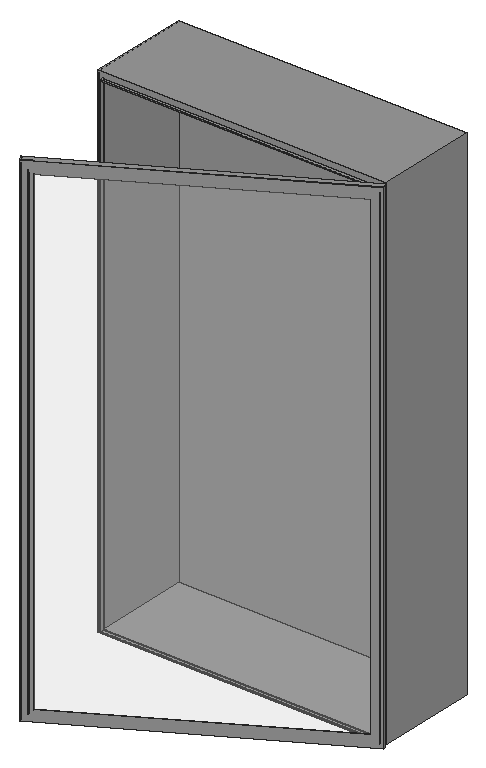
Revit family "Hager-Orion_Inox-IP66-D300-Cl.I-Inox_encl-630A-1400mm-NoHosted-CH-de", category Electrical Equipment, Revit 2020
Family settings
  Panel Configuration = Two Columns, Circuits Across
  Round Connector Dimension = Use Diameter
  Part Type = Panelboard
  Work Plane-Based = Yes
  Always vertical = Yes
  Cut with Voids When Loaded = No
  Shared = No
  Room Calculation Point = No
Parameters (values of type "Aufputz IP66 B800 H1400 T300  - FL049TWL")
  Width Control [instance] = if([EF000008 - Breite] > Min Width, [EF000008 - Breite], Min Width)  # 800 mm
  Type Comments = [HG000003 - Bereich]  # "Orion Inox"
  Thickness Door [instance] = if([EF009171 - Materialstärke Tür/Deckel] > 3 mm, 3 mm, [EF009171 - Materialstärke Tür/Deckel])  # 1.5 mm
  Seal Frame Offset [instance] = 17 mm  # constant formula
  Min Width [instance] = 100 mm  # constant formula
  Min Depth [instance] = (2 * [EF009170 - Materialstärke Gehäuse]) + 1 mm  # 4 mm
  Min Height [instance] = 100 mm  # constant formula
  Internal Frame Depth [instance] = -(Door System Depth * 0.5)  # -9 mm
  Panel Name [instance] = ""  # (empty or 0)
  Model = ""
  HG000027 - Sockelhöhe = 0 mm
  HG000026 - Stehend auf dem Boden = no
  HG000024 - Höhe des unteren Teils = 600 mm
  HG000023 - Gehäuse mit doppeltem Querschnitt = no
  HG000016 - 3D-Türsichtbarkeit [instance] = yes
  HG000015 - Sichtbarkeit der Türöffnung [instance] = no
  HG000014 - Tür rechts [instance] = yes
  HG000013 - Tür links [instance] = not([HG000014 - Tür rechts])  # no
  HG000012 - Türschwenkwinkel [instance] = 30.00°
  HG000010 - Asymmetrische Türen = no
  HG000009 - Doppelflügeligen Tür = no
  HG000006 - Unterputz = no
  HG000004 - Herstellerreferenz = "FL049TWL"
  HG000003 - Bereich = "Orion Inox"
  HG000002 - Mit tür = yes
  Frame Offset Bottom [instance] = 10 mm  # constant formula
  Frame Offset [instance] = 15 mm  # constant formula
  EF015940 - Deckel mit Überdruckentlastung = no
  EF011959 - Schutzart (NEMA) = ""
  EF009554 - Anzahl der Öffnungen für Flanschplatten = 0
  EF009212 - Ausführung Deckel = "EV000116 - geschlossen"
  EF009171 - Materialstärke Tür/Deckel = 1.5 mm
  EF009170 - Materialstärke Gehäuse = 1.5 mm
  EF008873 - Nennstrom (In) = 630 A
  EF007800 - Geeignet für Blitzschutz = no
  EF006306 - Mit Schloss = yes
  EF006244 - Transparenter Deckel/Tür = yes
  EF005474 - Schutzart (IP) = "EV006422 - IP66"
  EF004464 - Art der Tür = "EV002646 - Einzel"
  EF004427 - Anzahl der Module = 0
  EF004293 - Schlagfestigkeit = "EV006814 - IK08"
  EF003532 - Geeignet für Außengebrauch = yes
  EF002950 - Breite in Teilungseinheiten = 0
  EF001613 - Funktionserhalt = "EV000494 - ohne"
  EF001596 - Werkstoff des Gehäuses = "EV000166 - rostfreier Stahl"
  EF001131 - Innentiefe = 266 mm
  EF001088 - Anbaumöglichkeit = yes
  EF000437 - Anzahl der Leitungseinführungen = 0
  EF000339 - Art der Abdeckung = "EV004216 - Tür"
  EF000266 - Anzahl der Reihen = 0
  EF000218 - Einbautiefe = 0 mm
  EF000118 - Mit Montageplatte = no
  EF000116 - RAL-Nummer = ""
  EF000049 - Tiefe = 300 mm
  EF000040 - Höhe = 1400 mm
  EF000008 - Breite = 800 mm
  EF000007 - Farbe = "EV000154 - sonstige"
  EF000003 - Montageart = "EV000384 - Aufputz"
  Door System Leaf Tolerance [instance] = 1.5 mm  # constant formula
  Door System Depth [instance] = 18 mm  # constant formula
  Description = ""
  Default Elevation = 1219.2 mm
  Connector Offset [instance] = Height Control / 2  # 700 mm
  Manufacturer = "Hager"  # constant formula
  Height Control [instance] = if([EF000040 - Höhe] > Min Height, [EF000040 - Höhe], Min Height)  # 1400 mm
  Depth Control [instance] = if([EF000049 - Tiefe] > Min Depth, [EF000049 - Tiefe], Min Depth)  # 300 mm
Types (4, lengths in mm): name | HG000004 - Herstellerreferenz | EF006244 - Transparenter Deckel/Tür | EF004293 - Schlagfestigkeit
  Aufputz IP66 B800 H1400 T300  - FL049BW | "FL049BW" | no | "EV008784 - IK10"
  Aufputz IP66 B800 H1400 T300  - FL049BWL | "FL049BWL" | no | "EV008784 - IK10"
  Aufputz IP66 B800 H1400 T300  - FL049TW | "FL049TW" | yes | "EV006814 - IK08"
  Aufputz IP66 B800 H1400 T300  - FL049TWL | "FL049TWL" | yes | "EV006814 - IK08"
Reference planes
  plane 1 "Center (Front/Back)": y = 0
  plane 2: z = 0
  plane 3 "Center (Left/Right)": x = 0
  plane 4: y = 0
  plane 5: y = 0
  plane 6: z = 0
  plane 7: x = -400
  plane 8: x = 400
  plane 9: x = 398.5
  plane 10: x = -398.5
  plane 11: z = 0
  plane 12: z = 1.5
  plane 13: y = -300
  plane 14: y = -1.5
  plane 15: x = 0
  plane 16: y = -282
  plane 17: y = -298.5
  plane 18: y = -280.5
  plane 19: x = -383.5
  plane 20: x = 383.5
  plane 21: z = 11.5
  plane 22: x = -383
  plane 23: x = 383
  plane 24: z = 0
  plane 25: z = 1400
  plane 26: z = 1400
  plane 27: z = 1383.5
  plane 28: z = 1398.5
Forms (mm)
  Extrusion 1, solid, material "Hager_Stainless_Steel", detail levels medium+fine
    sketch origin (-208.679, -4572, 0) x (-1, 0, 0) y (0, -1, 0)
      loop
        line (191.321, -4290) -> (-608.679, -4290) -> (-608.679, -4572) -> (191.321, -4572) -> (191.321, -4290)
    from 0 to 1400
  Extrusion 2, void
    sketch origin (-350.771, -300, 1219.2) x (1, 0, 0) y (0, 0, 1)
      loop
        line (-47.729, 179.3) -> (-47.729, -1217.7) -> (749.271, -1217.7) -> (749.271, 179.3) -> (-47.729, 179.3)
    from -19.5 to -298.5
  Extrusion 3, void
    sketch origin (-290.084, -282, 1219.2) x (1, 0, 0) y (0, 0, 1)
      loop
        line (-93.416, -1207.7) -> (673.584, -1207.7) -> (673.584, 164.3) -> (-93.416, 164.3) -> (-93.416, -1207.7)
    from 0 to -1.5
  Extrusion 4, solid, material "Hager_Stainless_Steel", detail levels fine
    sketch origin (-290.084, -282, 1219.2) x (-1, 0, 0) y (0, 0, 1)
      loop
        line (-673.584, -1207.7) -> (93.416, -1207.7) -> (93.416, 164.3) -> (-673.584, 164.3) -> (-673.584, -1207.7)
      loop
        line (-675.084, -1209.2) -> (94.916, -1209.2) -> (94.916, 165.8) -> (-675.084, 165.8) -> (-675.084, -1209.2)
    from 0 to -9 <- "Internal Frame Depth"
  Extrusion 5, solid, material "Hager_Stainless_Steel", detail levels coarse
    sketch origin (0, 0, 0) x (1, 0, 0) y (0, 1, 0)
      loop
        line (-400, 0) -> (-400, -300) -> (400, -300) -> (400, 0) -> (-400, 0)
    from 0 to 1400 <- "Height Control"
Cuts and joins
  Extrusion 2, Extrusion 3 cuts Extrusion 1
Lines and regions (mm)
  Masking region 1
    outline origin (0, 0, 0) x (1, 0, 0) y (0, 1, 0)
      loop
        line (-400, 0) -> (-400, -300) -> (400, -300) -> (400, 0) -> (-400, 0)
  Masking region 2
    outline origin (-290.084, -282, 1219.2) x (-1, 0, 0) y (0, 0, 1)
      loop
        line (-690.084, -1219.2) -> (109.916, -1219.2) -> (109.916, 180.8) -> (-690.084, 180.8) -> (-690.084, -1219.2)
  Masking region 3, detail levels coarse
    outline origin (0, 0, 0) x (0, 1, 0) y (0, 0, 1)
      loop
        line (0, 0) -> (0, 1400) -> (-300, 1400) -> (-300, 0) -> (0, 0)
  Masking region 4, detail levels medium+fine
    outline origin (0, 0, 594.038) x (0, 1, 0) y (0, 0, 1)
      loop
        line (0, -594.038) -> (0, 805.962) -> (-282, 805.962) -> (-282, -594.038) -> (0, -594.038)
Dimensions and locks
  locked: plane 1 "Center (Front/Back)" to plane 5
  "EF009170 - Materialstärke Gehäuse": plane 7 to plane 10
  "EF009170 - Materialstärke Gehäuse": plane 8 to plane 9
  equal spacing: plane 7, plane 3 "Center (Left/Right)", plane 8
  "Width Control": plane 7 to plane 8
  "Depth Control": plane 4 to plane 13
  "EF009170 - Materialstärke Gehäuse": plane 4 to plane 14
  "Height Control": plane 25 to level
  "EF009170 - Materialstärke Gehäuse": plane 12 to plane 11
  "EF009170 - Materialstärke Gehäuse": plane 17 to plane 13
  "EF009170 - Materialstärke Gehäuse": plane 18 to plane 16
  "Frame Offset Bottom": plane 21 to plane 12
  "Frame Offset": plane 10 to plane 19
  "Frame Offset": plane 9 to plane 20
  "Door System Depth": plane 16 to plane 13
  "Seal Frame Offset": plane 7 to plane 22
  "Seal Frame Offset": plane 8 to plane 23
  "EF009170 - Materialstärke Gehäuse": plane 26 to plane 28
  "Frame Offset": plane 28 to plane 27
  "Connector Offset": plane 2 to connector elem
  "Thickness Door": cut or joined group of Extrusion 1, Extrusion 2, Extrusion 3 to Extrusion 4 sketch curve
  "Thickness Door": Extrusion 4 sketch curve to plane 19
  "Thickness Door": Extrusion 4 sketch curve to plane 20
  "Thickness Door": Extrusion 4 sketch curve to plane 27
  aligned and locked: Extrusion 2 sketch curve to plane 12
  aligned and locked: Extrusion 2 sketch curve to plane 9
  aligned and locked: Extrusion 2 sketch curve to plane 10
  aligned and locked: Extrusion 2 to plane 14
  aligned and locked: Extrusion 1 sketch curve to plane 4
  aligned and locked: plane 8 to Extrusion 1 sketch curve
  aligned and locked: plane 7 to Extrusion 1 sketch curve
  aligned and locked: Extrusion 2 to plane 18
  aligned and locked: Extrusion 3 sketch curve to plane 19
  aligned and locked: plane 20 to Extrusion 3 sketch curve
  aligned and locked: Extrusion 3 to Extrusion 2
  aligned and locked: Extrusion 3 sketch curve to plane 21
  aligned and locked: plane 3 "Center (Left/Right)" to nested 1
  aligned and locked: Extrusion 1 sketch curve to plane 16
  aligned and locked: Masking region 1 sketch curve to plane 7
  aligned and locked: Masking region 1 sketch curve to plane 5
  aligned and locked: Masking region 1 sketch curve to plane 8
  aligned and locked: Masking region 2 sketch curve to level
  aligned and locked: level to Masking region 3 sketch curve
  aligned and locked: plane 1 "Center (Front/Back)" to Masking region 3 sketch curve
  aligned and locked: plane 13 to Masking region 3 sketch curve
  aligned and locked: Masking region 2 sketch curve to plane 8
  aligned and locked: Masking region 2 sketch curve to plane 7
  aligned and locked: plane 7 to nested 2
  aligned and locked: nested 2 to plane 5
  aligned and locked: plane 5 to Masking region 4 sketch curve
  aligned and locked: plane 26 to Masking region 4 sketch curve
  aligned and locked: Extrusion 5 sketch curve to plane 8
  aligned and locked: Extrusion 5 sketch curve to plane 7
  aligned and locked: Extrusion 5 sketch curve to plane 5
  aligned and locked: Extrusion 3 sketch curve to plane 27
  aligned and locked: Extrusion 2 sketch curve to plane 28
  aligned and locked: Extrusion 4 sketch curve to plane 27
  aligned and locked: Extrusion 4 sketch curve to plane 20
  aligned and locked: Extrusion 4 sketch curve to plane 21
  aligned and locked: Extrusion 4 sketch curve to plane 19
  aligned and locked: Masking region 2 to plane 25
  aligned and locked: Masking region 4 sketch curve to plane 24
  aligned and locked: Masking region 1 to plane 13
  aligned and locked: nested 1 to plane 16
  aligned and locked: Masking region 3 to plane 25
  aligned and locked: Masking region 4 sketch curve to plane 16
  aligned and locked: plane 24 to plane 11
  aligned and locked: plane 26 to plane 25
  aligned and locked: level to plane 24
  aligned and locked: Extrusion 1 to Masking region 3
  aligned and locked: level to nested 1
Automatic sketch dimensions
  Extrusion 5 sketch curve to plane 13 = 0 mm
  plane 27 to Masking region 2 sketch curve = 16.5 mm
  plane 27 to Masking region 3 sketch curve = 16.5 mm
  Masking region 1 sketch curve to plane 13 = 0 mm
  Extrusion 3 sketch curve to plane 21 = 0 mm
  plane 19 to Extrusion 3 sketch curve = 0 mm
  Extrusion 3 sketch curve to plane 20 = 0 mm
Nested families
  nested 1: "EC000058_OrionInox_Door" at (0, -282, 0), Double <- "HG000009 - Doppelflügeligen Tür", Transparent <- "EF006244 - Transparenter Deckel/Tür", Angle <- "HG000012 - Türschwenkwinkel", Door_Right <- "HG000014 - Tür rechts", Assymetrical <- "HG000010 - Asymmetrische Türen", Door <- "HG000002 - Mit tür", Width_Ctrl <- "Width Control", 3d_Door <- "HG000016 - 3D-Türsichtbarkeit", Clearance <- "HG000015 - Sichtbarkeit der Türöffnung", Door_Left <- "HG000013 - Tür links", Width <- "Width Control", Door_Depth <- "Door System Depth", Leaf_Tolerance <- "Door System Leaf Tolerance", Height <- "Height Control", Thickness <- "Thickness Door", type "EC000058_OrionInox_Door", detail levels medium+fine
    with min_wh 4 mm, Width_Ctrl 800 mm, Width 800 mm, Transparent yes, Thickness 1.5 mm, Seal_Material Hager_Rubber, Leaf_Width 800 mm, Leaf_Tolerance_External_Sides 0 mm, Leaf_Tolerance 1.5 mm, Leaf_Offset 0 mm, Leaf_Height 1397 mm, Leaf_2_Width 800 mm, Leaf_2_Offset 400 mm, Leaf_1_Width 800 mm, Leaf_1_Offset 400 mm, Height_Ctrl 1400 mm, Height 1400 mm, Glass_Material Hager_Glass, Double_Clearance_Ctrl no, Double no, Door_Right_Ctrl yes, Door_Right yes, Door_Material Hager_Stainless_Steel, Door_Left_Ctrl no, Door_Left no, Door_Depth 18 mm, Door yes, Clearance_Material Hager_Clearance, Clearance_Depth 800 mm, Clearance_Ctrl no, Clearance no, Assymetrical no, Angle 30.00°, 3d_Door yes
  nested 2: "Hager_Enclosure_Symbol" at (-400, 0, 0), Height <- "Depth Control", Width <- "Width Control", type "Hager_Enclosure_Symbol"
    with Width_Ctrl 800 mm, Width 800 mm, Height_Ctrl 300 mm, Height 300 mm, A_Width_Int 19.688 mm, A_Width 236.25 mm, A_Height_Ctrl 262.5 mm, A_Height 262.5 mm
Connectors
  electrical at (0, 0, 700)
    settings: on plane 1 "Center (Front/Back)", index 1, voltage 0 V, apparent load 0 VA, apparent load phase1 0 VA, apparent load phase2 0 VA, apparent load phase3 0 VA, power factor 1, load classification "Other", number of poles 1, system type 30, power factor state 1, is connector primary yes, connector utility no, sub classification motor no, connector description ""
Definition of nested family "EC000058_OrionInox_Door"
  Parameters (values of type "EC000058_OrionInox_Door")
    min_wh [instance] = (2 * Thickness) + 1 mm  # 11 mm
    Width_Ctrl [instance] = 400 mm
    Width [instance] = 500 mm
    Transparent [instance] = yes
    Thickness [instance] = 5 mm
    Seal_Material [instance] = none
    Leaf_Width [instance] = if((Width_Ctrl - 2 * Leaf_Tolerance_External_Sides) > 0 mm, (Width_Ctrl - 2 * Leaf_Tolerance_External_Sides), min_wh)  # 400 mm
    Leaf_Tolerance_External_Sides [instance] = 0 mm  # constant formula
    Leaf_Tolerance [instance] = 1.5 mm
    Leaf_Offset [instance] = 0 mm  # constant formula
    Leaf_Height [instance] = if((Height_Ctrl - 2 * Leaf_Tolerance) > 0 mm, (Height_Ctrl - 2 * Leaf_Tolerance), min_wh)  # 497 mm
    Leaf_2_Width [instance] = if(and(and(Double, Assymetrical), Door_Left), (Leaf_Width / 3) - (Leaf_Tolerance / 2), if(and(and(Double, Assymetrical), Door_Right), (Leaf_Width / 3) * 2 - (Leaf_Tolerance / 2), if(and(Double, not(Assymetrical)), (Leaf_Width / 2) - Leaf_Tolerance, Leaf_Width)))  # 400 mm
    Leaf_2_Offset [instance] = if(and(Double, Assymetrical), Leaf_2_Width / 2, if(and(Double, not(Assymetrical)), Leaf_Width / 4, Leaf_Width / 2))  # 200 mm
    Leaf_1_Width [instance] = if(and(and(Double, Assymetrical), Door_Right), (Leaf_Width / 3) - (Leaf_Tolerance / 2), if(and(and(Double, Assymetrical), Door_Left), (Width / 3) * 2 - (Leaf_Tolerance / 2), if(and(Double, not(Assymetrical)), (Leaf_Width / 2) - Leaf_Tolerance, Leaf_Width)))  # 400 mm
    Leaf_1_Offset [instance] = if(and(Double, Assymetrical), Leaf_1_Width / 2, if(and(Double, not(Assymetrical)), Leaf_Width / 4, Leaf_Width / 2))  # 200 mm
    Height_Ctrl [instance] = if(Height > min_wh, Height, min_wh)  # 500 mm
    Height [instance] = 500 mm
    Glass_Material [instance] = none
    Double_Clearance_Ctrl [instance] = and(Double, Clearance)  # no
    Double [instance] = no
    Door_Right_Ctrl [instance] = and(or(Door_Right, Double), Door)  # yes
    Door_Right [instance] = yes
    Door_Material [instance] = none
    Door_Left_Ctrl [instance] = and(or(Door_Left, Double), Door)  # no
    Door_Left [instance] = no
    Door_Depth [instance] = 30 mm
    Door [instance] = yes
    Default Elevation = 1219.2 mm
    Clearance_Material [instance] = none
    Clearance_Depth [instance] = if(Leaf_1_Width > Leaf_2_Width, Leaf_1_Width, Leaf_2_Width)  # 400 mm
    Clearance_Ctrl [instance] = and(not(Double), Clearance)  # yes
    Clearance [instance] = yes
    Assymetrical [instance] = yes
    Angle [instance] = 30.00°
    3d_Door [instance] = yes
  Reference planes
    plane 1 "Center (Front/Back)": y = 0
    plane 2 "Bottom": z = 0
    plane 3 "Center (Left/Right)": x = 0
    plane 4: z = 500
    plane 5: x = -200
    plane 6: x = 200
    plane 7: z = 500
    plane 8: x = -200
    plane 9: z = 0
    plane 10: x = 200
    plane 11: y = 0
    plane 12: z = 1.5
    plane 13: x = -600
    plane 14: y = -400
    plane 15: x = 600
    plane 16: x = 0
    plane 17: x = 0
    plane 18: x = -200
    plane 19: x = 200
    plane 20: z = 498.5
  Forms (mm)
    Extrusion 1, solid, material <- "Clearance_Material", visible <- "Double_Clearance_Ctrl"
      sketch origin (1200, 0, 0) x (1, 0, 0) y (0, 0, -1)
        loop
          line (-1800, -498.5) -> (-600, -498.5) -> (-600, 0) -> (-1800, 0) -> (-1800, -498.5)
      from 0 to -400
  Dimensions and locks
    equal spacing: plane 5, plane 3 "Center (Left/Right)", plane 6
    "Width_Ctrl": plane 5 to plane 6
    "Leaf_Offset": plane 5 to plane 8
    "Leaf_Offset": plane 6 to plane 10
    "Leaf_Offset": plane 9 to level
    "Leaf_Offset": plane 4 to plane 7
    "Height_Ctrl": plane 4 to level
    "Leaf_Tolerance": plane 12 to plane 9
    locked: plane 11 to plane 1 "Center (Front/Back)"
    "Leaf_1_Offset": plane 18 to plane 16
    "Leaf_2_Offset": plane 17 to plane 19
    "Leaf_1_Width": plane 13 to plane 8
    "Leaf_2_Width": plane 10 to plane 15
    "Clearance_Depth": plane 14 to plane 1 "Center (Front/Back)"
    "Leaf_Tolerance_External_Sides": plane 8 to plane 18
    "Leaf_Tolerance_External_Sides": plane 19 to plane 10
    "Leaf_Tolerance": plane 7 to plane 20
    aligned and locked: level to plane 2 "Bottom"
    aligned and locked: nested 1 to plane 16
    aligned and locked: nested 2 to plane 17
    aligned and locked: Extrusion 1 to plane 13
    aligned and locked: plane 15 to Extrusion 1
    aligned and locked: Extrusion 1 to plane 14
    aligned and locked: plane 12 to nested 1
    aligned and locked: nested 2 to plane 12
    aligned and locked: Extrusion 1 to plane 11
    aligned and locked: plane 20 to Extrusion 1
    aligned and locked: nested 2 to plane 11
    aligned and locked: nested 1 to plane 11
  Automatic sketch dimensions
    Extrusion 1 sketch curve to level = 0 mm
    plane 5 to Extrusion 1 sketch curve = 400 mm
    plane 6 to Extrusion 1 sketch curve = 400 mm
    Extrusion 1 sketch curve to plane 4 = 1.5 mm
  Nested families
    nested 1: "EC000058_OrionInox_Door_Leaf" at (0, 0, 1.5), Width <- "Leaf_1_Width", visible <- "Door_Left_Ctrl", Leaf_Height <- "Leaf_Height", Angle <- "Angle", 3d_Door <- "3d_Door", Transparent <- "Transparent", Clearance Material <- "Clearance_Material", Clearance <- "Clearance_Ctrl", Door_Material <- "Door_Material", Glass_Material <- "Glass_Material", Door_Depth <- "Door_Depth", Seal_Material <- "Seal_Material", Thickness <- "Thickness", type "EC000058_OrionInox_Door_Leaf"
      with Width 400 mm, Transparent_Ctrl yes, Transparent yes, Thickness 5 mm, Standard no, Seal_Material none, Seal_D2 8 mm, Seal_D1 1 mm, Offset_Internal_Frame 10 mm, Lock_Width 28 mm, Lock_Thickness 2 mm, Lock_Radius 6 mm, Leaf_Height 497 mm, Internal_Seal_Thickness 8 mm, Internal_Seal_Depth_2 4.5 mm, Internal_Frame_Depth 25 mm, Glass_Thickness -1 mm, Glass_Offset -2 mm, Glass_Material none, Door_Material none, Door_Depth 30 mm, Clearance Material none, Clearance yes, Angle_Ctrl 30.00°, Angle 30.00°, 3d_Door yes
    nested 2: "EC000058_OrionInox_Door_Leaf" at (0, 0, 1.5) x (-1, 0, 0) z (0, 0, 1), Width <- "Leaf_2_Width", visible <- "Door_Right_Ctrl", Leaf_Height <- "Leaf_Height", Angle <- "Angle", 3d_Door <- "3d_Door", Transparent <- "Transparent", Clearance Material <- "Clearance_Material", Clearance <- "Clearance_Ctrl", Door_Material <- "Door_Material", Glass_Material <- "Glass_Material", Door_Depth <- "Door_Depth", Seal_Material <- "Seal_Material", Thickness <- "Thickness", type "EC000058_OrionInox_Door_Leaf"
      with Width 400 mm, Transparent_Ctrl yes, Transparent yes, Thickness 5 mm, Standard no, Seal_Material none, Seal_D2 8 mm, Seal_D1 1 mm, Offset_Internal_Frame 10 mm, Lock_Width 28 mm, Lock_Thickness 2 mm, Lock_Radius 6 mm, Leaf_Height 497 mm, Internal_Seal_Thickness 8 mm, Internal_Seal_Depth_2 4.5 mm, Internal_Frame_Depth 25 mm, Glass_Thickness -1 mm, Glass_Offset -2 mm, Glass_Material none, Door_Material none, Door_Depth 30 mm, Clearance Material none, Clearance yes, Angle_Ctrl 30.00°, Angle 30.00°, 3d_Door yes
  Definition of nested family "EC000058_OrionInox_Door_Leaf"
    Parameters (values of type "EC000058_OrionInox_Door_Leaf")
      Width [instance] = 450 mm
      Transparent_Ctrl [instance] = and(Transparent, [3d_Door])  # yes
      Transparent [instance] = yes
      Thickness [instance] = 5 mm
      Standard [instance] = and(not(Transparent), [3d_Door])  # no
      Seal_Material [instance] = none
      Seal_D2 [instance] = 8 mm  # constant formula
      Seal_D1 [instance] = 1 mm  # constant formula
      Offset_Internal_Frame [instance] = 10 mm  # constant formula
      Lock_Width [instance] = Door_Depth - Lock_Thickness  # 28 mm
      Lock_Thickness [instance] = 2 mm  # constant formula
      Lock_Radius [instance] = 6 mm  # constant formula
      Leaf_Height [instance] = 450 mm
      Internal_Seal_Thickness [instance] = 8 mm  # constant formula
      Internal_Seal_Depth_2 [instance] = 4.5 mm  # constant formula
      Internal_Frame_Depth [instance] = if(Door_Depth - Thickness > 5 mm, Door_Depth - Thickness, 5 mm)  # 25 mm
      Glass_Thickness [instance] = if(Thickness > 15 mm, Glass_Offset + 10 mm, -1 mm)  # -1 mm
      Glass_Offset [instance] = if(Thickness > 15 mm, -(Thickness + 10 mm) / 2, -2 mm)  # -2 mm
      Glass_Material [instance] = none
      Door_Material [instance] = none
      Door_Depth [instance] = 30 mm
      Default Elevation = 0 mm
      Clearance Material [instance] = none
      Clearance [instance] = yes
      Angle_Ctrl [instance] = if(Angle > 180.00°, 180.00°, Angle)  # 90.00°
      Angle [instance] = 90.00°
      3d_Door [instance] = yes
    Reference planes
      plane 1 "Center (Front/Back)": y = 0
      plane 2: z = 0
      plane 3 "Center (Left/Right)": x = 0
      plane 4: y = 450
      plane 5: x = -225
      plane 6: x = 225
      plane 7: x = -675
      plane 8: z = 450
      plane 9: z = 30
      plane 10: z = 420
      plane 11: x = 195
      plane 12: x = -195
      plane 13: y = -3
      plane 14: z = 107.833
      plane 15: y = -5
      plane 16: y = -223.314
      plane 17: x = -225
      plane 18: y = 30
    Forms (mm)
      Extrusion 1, solid, material <- "Clearance Material", visible <- "Clearance"
        sketch origin (0, 0, 0) x (1, 0, 0) y (0, 0, 1)
          loop
            line (-675, 450) -> (-675, 0) -> (225, 0) -> (225, 450) -> (-675, 450)
        from 0 to -450
      Extrusion 2, solid, material <- "Door_Material", visible <- "Standard", detail levels medium+fine
        sketch origin (-225, 0, 0) x (0, 1, 0) y (-1, 0, 0)
          loop
            line (0, 30) -> (0, 25) -> (450, 25) -> (450, 30) -> (0, 30)
        from 0 to 450 <- "Leaf_Height"
      Extrusion 3, solid, material <- "Door_Material", visible <- "Transparent_Ctrl", detail levels medium+fine
        sketch origin (-225, 0, 0) x (0, 1, 0) y (-1, 0, 0)
          loop
            line (0, 25) -> (450, 25) -> (450, 30) -> (0, 30) -> (0, 25)
        from 0 to 450 <- "Leaf_Height"
      Extrusion 4, void
        sketch origin (-250, 450, 0) x (0, 1, 0) y (0, 0, -1)
          loop
            line (-30, -420) -> (-30, -30) -> (-420, -30) -> (-420, -420) -> (-30, -420)
        from 0 to 5 <- "Thickness"
      Sweep 5, solid, material <- "Seal_Material", visible <- "Transparent_Ctrl", detail levels fine
        path in 3D
          loop
            line (-250, 30, 30) -> (-250, 30, 420) -> (-250, 420, 420) -> (-250, 420, 30) -> (-250, 30, 30)
        profile origin (-250, 225, 30) x (1, 0, 0) y (0, 0, 1)
          loop
            line (0, 0) -> (0, -8) -> (1, -8) -> (1, 0) -> (0, 0)
      Extrusion 6, solid, material <- "Glass_Material", visible <- "Transparent_Ctrl", detail levels medium+fine
        sketch origin (-255, 0, 0) x (0, 1, 0) y (0, 0, -1)
          loop
            line (420, -420) -> (420, -30) -> (30, -30) -> (30, -420) -> (420, -420)
        from -2 <- "Glass_Offset" to -1 <- "Glass_Thickness"
      Extrusion 7, solid, material <- "Door_Material", visible <- "3d_Door", detail levels medium+fine
        sketch origin (-250, 450, 0) x (0, -1, 0) y (0, 0, -1)
          loop
            line (0, -450) -> (450, -450) -> (450, 0) -> (0, 0) -> (0, -450)
          loop
            line (445, -5) -> (5, -5) -> (5, -445) -> (445, -445) -> (445, -5)
        from 0 to 25 <- "Internal_Frame_Depth"
      Sweep 8, solid, material <- "Seal_Material", visible <- "Transparent_Ctrl", detail levels fine
        path in 3D
          loop
            line (-250, 0, 0) -> (-250, 450, 0) -> (-250, 450, 450) -> (-250, 0, 450) -> (-250, 0, 0)
        profile origin (-250, 0, 225) x (1, 0, 0) y (0, 1, 0)
          loop
            line (0, 10) -> (2.975, 10)
            arc (2.975, 10) -> (4.053, 10.447) -> (4.5, 11.525) r 1.525
            line (4.5, 11.525) -> (4.5, 16.527)
            arc (4.5, 16.527) -> (4.069, 17.569) -> (3.027, 18) r 1.473
            line (3.027, 18) -> (0, 18) -> (0, 10)
    Cuts and joins
      Extrusion 4 cuts Extrusion 3
    Lines and regions (mm)
      Masking region 1, detail levels medium+fine
        outline origin (0, 0, 0) x (0, 1, 0) y (0, 0, 1)
          loop
            line (0, 0) -> (30, 0) -> (30, 450) -> (0, 450) -> (0, 0)
      Masking region 2, detail levels medium+fine
        outline origin (0, 0, 0) x (1, 0, 0) y (0, 0, 1)
          loop
            line (-225, 450) -> (-225, 0) -> (225, 0) -> (225, 450) -> (-225, 450)
      symbolic lines
        curve 1: line (225, 0, 0) -> (-675, 0, 0)
        curve 2: arc (225, 0, 0) -> (-225, 450, 0) -> (-675, 0, 0) r 450
        curve 4: line (-255, 0, 0) -> (-255, 450, 0)
      reference lines
        curve 3: line (-225, 0, 0) -> (-225, 450, 0)
      symbolic lines, detail levels medium+fine
        curve 5: line (-255, 450, 0) -> (-250, 450, 0)
        curve 7: line (-250, 0, 0) -> (-255, 0, 0)
        curve 8: line (-250, 0, 0) -> (-225, 0, 0)
        curve 9: line (-225, 0, 0) -> (-225, 450, 0)
        curve 10: line (-225, 450, 0) -> (-250, 450, 0)
      symbolic lines, detail levels fine
        curve 6: line (-250, 450, 0) -> (-250, 0, 0)
      sketch lines
        curve 11: line (-250, 0, 450) -> (-250, 0, 0)
        curve 12: line (-250, 450, 0) -> (-250, 0, 0)
        curve 13: line (-250, 450, 450) -> (-250, 450, 0)
        curve 14: line (-250, 0, 450) -> (-250, 450, 450)
        curve 15: line (-250, 420, 30) -> (-250, 30, 30)
        curve 16: line (-250, 30, 30) -> (-250, 30, 420)
        curve 17: line (-250, 420, 420) -> (-250, 420, 30)
        curve 18: line (-250, 30, 420) -> (-250, 420, 420)
      symbolic lines, visible <- "Transparent", detail levels medium+fine
        curve 19: line (-195, 0, 420) -> (195, 0, 420)
        curve 20: line (-195, 0, 30) -> (-195, 0, 420)
        curve 21: line (195, 0, 30) -> (-195, 0, 30)
        curve 22: line (195, 0, 420) -> (195, 0, 30)
    Dimensions and locks
      "Width": plane 1 "Center (Front/Back)" to plane 4
      equal spacing: plane 5, plane 3 "Center (Left/Right)", plane 6
      "Width": plane 5 to plane 6
      "Width": plane 7 to plane 5
      "Leaf_Height": plane 8 to level
      "Width": curve 5 to curve 3
      "Width": curve 3 to curve 3
      plane 8 to plane 10 = 30 mm
      plane 9 to level = 30 mm
      plane 12 to plane 5 = 30 mm
      plane 6 to plane 11 = 30 mm
      Extrusion 4 sketch curve to Extrusion 3 = 30 mm
      Extrusion 3 to Extrusion 4 sketch curve = 30 mm
      Extrusion 1 to Extrusion 4 sketch curve = 30 mm
      curve 3 to Extrusion 4 sketch curve = 30 mm
      Extrusion 4 sketch curve to cut or joined group of Extrusion 3, Extrusion 4 = 30 mm
      cut or joined group of Extrusion 3, Extrusion 4 to Extrusion 6 sketch curve = 30 mm
      cut or joined group of Extrusion 3, Extrusion 4 to Extrusion 4 sketch curve = 30 mm
      "Thickness": curve 6 to curve 4
      "Thickness": Extrusion 7 sketch curve to Extrusion 7 sketch curve  (x4)
      "Door_Depth": curve 4 to curve 3
      "Offset_Internal_Frame": profile plane to Sweep 8 sketch curve
      "Internal_Seal_Thickness": Sweep 8 sketch curve to Sweep 8 sketch curve
      "Internal_Seal_Depth_2": profile plane to Sweep 8 sketch curve
      "Seal_D1": profile plane to Sweep 5 sketch curve
      "Seal_D2": profile plane to Sweep 5 sketch curve
      "Thickness": Extrusion 2 sketch curve to Extrusion 2 sketch curve
      "Door_Depth": plane 18 to plane 1 "Center (Front/Back)"
      radius of Sweep 8 sketch curve = 1.525 mm
      radius of Sweep 8 sketch curve = 1.473 mm
      "Angle_Ctrl": angle plane 1 "Center (Front/Back)" to curve 3
      aligned and locked: level to plane 2
      aligned and locked: Extrusion 1 to curve 1
      aligned and locked: plane 6 to Extrusion 1
      aligned and locked: plane 1 "Center (Front/Back)" to Extrusion 1
      aligned and locked: plane 4 to Extrusion 1
      aligned and locked: plane 8 to Extrusion 1
      aligned and locked: curve 7 to Extrusion 2 sketch curve
      aligned and locked: curve 5 to Extrusion 2 sketch curve
      aligned and locked: curve 7 to Extrusion 3 sketch curve
      aligned and locked: Extrusion 3 sketch curve to curve 4
      aligned and locked: Extrusion 3 sketch curve to curve 6
      aligned and locked: Extrusion 3 sketch curve to curve 5
      aligned and locked: curve 9 to curve 3
      aligned and locked: Extrusion 7 sketch curve to cut or joined group of Extrusion 3, Extrusion 4  (x4)
      aligned and locked: plane 17 to curve 3
      aligned and locked: plane 1 "Center (Front/Back)" to curve 3
      aligned and locked: plane 17 to plane 5
      aligned and locked: Sweep 8 sketch curve to profile plane
      aligned and locked: Sweep 5 sketch curve to profile plane  (x2)
      aligned and locked: plane 1 "Center (Front/Back)" to Masking region 1 sketch curve
      aligned and locked: plane 18 to Masking region 1 sketch curve
      aligned and locked: level to Masking region 1 sketch curve
      aligned and locked: Masking region 1 sketch curve to plane 8
      aligned and locked: plane 17 to Masking region 2 sketch curve
      aligned and locked: level to Masking region 2 sketch curve
      aligned and locked: Masking region 2 sketch curve to plane 8
      aligned and locked: plane 12 to curve 20
      aligned and locked: plane 10 to curve 19
      aligned and locked: plane 11 to curve 22
      aligned and locked: plane 9 to curve 21
      aligned and locked: Extrusion 2 sketch curve to cut or joined group of Extrusion 3, Extrusion 4
    Automatic sketch dimensions
      plane 1 "Center (Front/Back)" to curve 2 = 0 mm
      curve 2 to plane 5 = 0 mm
      Extrusion 1 sketch curve to level = 0 mm
      Extrusion 1 sketch curve to plane 7 = 0 mm
      Extrusion 1 sketch curve to plane 6 = 0 mm
      Extrusion 1 sketch curve to plane 8 = 0 mm
      Extrusion 3 to Extrusion 6 sketch curve = 30 mm  (x4)
      Masking region 2 sketch curve to plane 6 = 0 mm
      curve 4 to curve 3 = 0 mm
Definition of nested family "Hager_Enclosure_Symbol"
  Parameters (values of type "Hager_Enclosure_Symbol")
    Width_Ctrl [instance] = if(Width > 1 mm, Width, 1 mm)  # 102.27 mm
    Width [instance] = 102.27 mm
    Height_Ctrl [instance] = if(Height > 1 mm, Height, 1 mm)  # 66.5 mm
    A_Width_Int [instance] = if(A_Width / 12 > 2 mm, A_Width / 12, 2 mm)  # 4.364 mm
    A_Width [instance] = if(A_Height_Ctrl * 0.9 > 2 mm, A_Height_Ctrl * 0.9, 2 mm)  # 52.369 mm
    A_Height_Ctrl [instance] = if(A_Height > 2 mm, A_Height, 2 mm)  # 58.188 mm
    Height [instance] = 66.5 mm
    A_Height [instance] = Height - (Height / 8)  # 58.188 mm
  Reference planes
    plane 1 "Centre (avant/arrière)": y = 0
    plane 2: z = 0
    plane 3 "Centre (gauche/droite)": x = 0
    plane 4: x = 52.369
    plane 5: y = 33.042
    plane 6: y = 41.77
    plane 7: y = 66.5
    plane 8: x = 26.184
    plane 9: y = 37.406
    plane 10: x = 102.27
    plane 11: y = 66.5
    plane 12: y = 8.313
  Lines and regions (mm)
    Filled region 1, type "Solid_Black", in view "Niveau de réf."
      outline origin (0, 0, 0) x (1, 0, 0) y (0, 1, 0)
        loop
          line (52.369, 66.5) -> (33.188, 54.536) -> (45.365, 45.006) -> (52.369, 66.5)
    Filled region 2, type "Solid_Black", in view "Niveau de réf."
      outline origin (0, 0, 0) x (1, 0, 0) y (0, 1, 0)
        loop
          line (0, 0) -> (102.27, 0) -> (102.27, 66.5) -> (0, 0)
    detail lines, in view "Niveau de réf."
      curve 1: line (0, 8.313, 0) -> (26.184, 41.77, 0)
      curve 2: line (26.184, 41.77, 0) -> (26.184, 33.042, 0)
      curve 3: line (26.184, 33.042, 0) -> (52.369, 66.5, 0)
  Dimensions and locks
    "A_Width": plane 3 "Centre (gauche/droite)" to plane 4
    equal spacing: plane 3 "Centre (gauche/droite)", plane 8, plane 4
    equal spacing: plane 6, plane 9, plane 5
    equal spacing: curve 3, Filled region 1 sketch curve, Filled region 1 sketch curve
    "Height_Ctrl": plane 1 "Centre (avant/arrière)" to plane 11
    "A_Height_Ctrl": plane 11 to plane 12
    equal spacing: plane 11, plane 9, plane 12
    "A_Width_Int": plane 6 to plane 9
    "Width_Ctrl": plane 3 "Centre (gauche/droite)" to plane 10
    angle Filled region 1 sketch curve to curve 3 = 20.00°
    angle curve 3 to Filled region 1 sketch curve = 20.00°
    locked: curve 3 to Filled region 1 sketch curve (angle 90.00°)
    aligned and locked: plane 10 to Filled region 2
    aligned and locked: plane 11 to Filled region 2 sketch curve
    aligned and locked: plane 10 to Filled region 2 sketch curve
    aligned and locked: plane 3 "Centre (gauche/droite)" to curve 1
    aligned and locked: plane 12 to curve 1
    aligned and locked: plane 7 to plane 11
  Automatic sketch dimensions
    Filled region 1 sketch curve to plane 4 = 0 mm
    Filled region 1 sketch curve to plane 7 = 0 mm
    plane 1 "Centre (avant/arrière)" to Filled region 2 sketch curve = 0 mm
    Filled region 2 sketch curve to plane 3 "Centre (gauche/droite)" = 0 mm
    curve 2 to plane 6 = 0 mm
    curve 2 to plane 8 = 0 mm
    curve 3 to plane 4 = 0 mm
    curve 2 to plane 5 = 0 mm
    curve 3 to plane 7 = 0 mm
